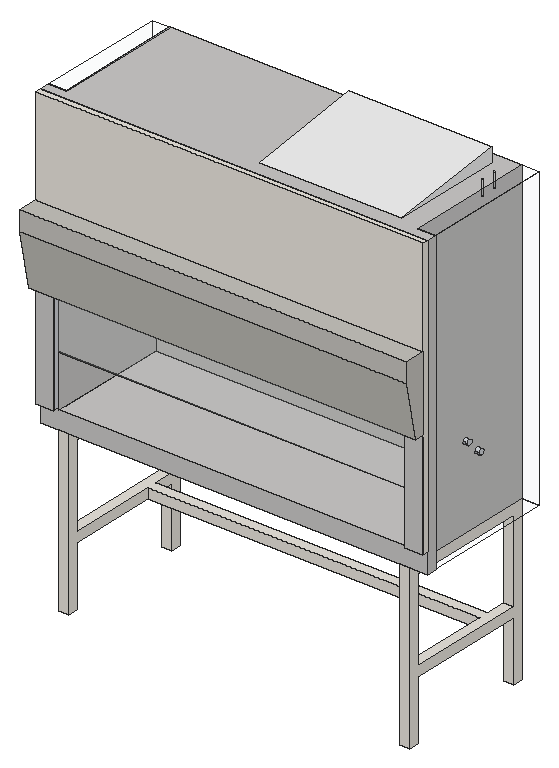
Revit family "BSC-Class-II_Type-A2_NuAire_Labgard_425-437-440", category Mechanical Equipment, Revit 2026
Family settings
  Round Connector Dimension = Use Radius
  Part Type = Normal
  Classification Number = 23.40.70.11.11.11.11
  Work Plane-Based = No
  Always vertical = Yes
  Cut with Voids When Loaded = No
  Maintain Annotation Orientation = No
  Shared = No
  Room Calculation Point = No
Parameters (values of type "NU-437-300 - 36 WORK SURFACE HEIGHT")
  control panel = 2' - 6 13/16"
  WORK SURFACE HEIGHT = 2' - 8 1/2"
  WIDTH = 6' - 5 5/8"
  URL = "http://www.nuaire.com/"
  Type Comments = "Contact Sales for Info: 800-328-3352, 888-4-NUAIRE, www.nuaire.com"
  Specification = "http://www.arcat.com/specwizard/swlist.cgi?coid=46446&mf=04&coname=NuAire%20Laboratory%20Equipment%20Supply%20&webabrv=nuaire&swlist=115300nle.11600nle.Laboratory.Equipment_"
  Side panels [instance] = yes
  Sales Information = "http://www.nuaire.com/contact-us/sales-requests.php"
  Room Inflow = 647 CFM
  Revision = "R1_12/2015"
  Product Properties = "http://www.nuaire.com/products/biological-safety-cabinets/class-ii-type-a2/labgard-es-energy-saver-nu-437-class-ii-type-a2-biosafety-cabinet.html"
  Product Data = "http://www.arcat.com/arcatcos/cos46/arc46446.html"
  Plumbing Height = 0' - 3"
  Plumbing = 0' - 0 3/16"
  Model = "NU-437-300"
  Manufacturer Website = "http://www.nuaire.com/"
  Manufacturer Phone - Toll Free = "800-328-3352"
  Manufacturer Phone = "763-553-1270"
  Manufacturer Fax = "763-553-0459"
  Manufacturer Address = "2100 Fernbrook Lane, Plymouth, MN 55447 USA"
  Manufacturer = "Nuaire Inc"
  Keynote = "11 53 00"
  Exhaust Flow = 647 CFM
  EXHAUST WIDTH = 2' - 4 1/2"
  Drawn By = ""
  Description = "Class II Type A2 Biological Safety Cabinet"
  Default Elevation = 0' - 0"
  DEPTH = 2' - 4"
  Coupling [instance] = 0' - 0 1/2"
  Copyright = "� 2015, ARCAT,Inc"
  Construction Details = "http://www.arcat.com/details/nuaire/nuaire.html?coid=46446"
  Assembly Code = "E1020720"
Types (24): name | Product Properties | Model
  NU-425-300 - 36 WORK SURFACE HEIGHT | "http://www.nuaire.com/products/biological-safety-cabinets/class-ii-type-a2/labgard-es-energy-saver-nu-425-class-ii-type-a2-biosafety-cabinet.html" | "NU-425-300"
  NU-425-400 - 36 WORK SURFACE HEIGHT | "http://www.nuaire.com/products/biological-safety-cabinets/class-ii-type-a2/labgard-es-energy-saver-nu-425-class-ii-type-a2-biosafety-cabinet.html" | "NU-425-400"
  NU-425-600 - 36 WORK SURFACE HEIGHT | "http://www.nuaire.com/products/biological-safety-cabinets/class-ii-type-a2/labgard-es-energy-saver-nu-425-class-ii-type-a2-biosafety-cabinet.html" | "NU-425-600"
  NU-425-500 - 36 WORK SURFACE HEIGHT | "http://www.nuaire.com/products/biological-safety-cabinets/class-ii-type-a2/labgard-es-energy-saver-nu-425-class-ii-type-a2-biosafety-cabinet.html" | "NU-425-500"
  NU-425-500 - 30 WORK SURFACE HEIGHT | "http://www.nuaire.com/products/biological-safety-cabinets/class-ii-type-a2/labgard-es-energy-saver-nu-425-class-ii-type-a2-biosafety-cabinet.html" | "NU-425-500"
  NU-425-400 - 30 WORK SURFACE HEIGHT | "http://www.nuaire.com/products/biological-safety-cabinets/class-ii-type-a2/labgard-es-energy-saver-nu-425-class-ii-type-a2-biosafety-cabinet.html" | "NU-425-400"
  NU-425-600 - 30 WORK SURFACE HEIGHT | "http://www.nuaire.com/products/biological-safety-cabinets/class-ii-type-a2/labgard-es-energy-saver-nu-425-class-ii-type-a2-biosafety-cabinet.html" | "NU-425-600"
  NU-425-300 - 30 WORK SURFACE HEIGHT | "http://www.nuaire.com/products/biological-safety-cabinets/class-ii-type-a2/labgard-es-energy-saver-nu-425-class-ii-type-a2-biosafety-cabinet.html" | "NU-425-300"
  NU-437-300 - 36 WORK SURFACE HEIGHT | "http://www.nuaire.com/products/biological-safety-cabinets/class-ii-type-a2/labgard-es-energy-saver-nu-437-class-ii-type-a2-biosafety-cabinet.html" | "NU-437-300"
  NU-437-400 - 36 WORK SURFACE HEIGHT | "http://www.nuaire.com/products/biological-safety-cabinets/class-ii-type-a2/labgard-es-energy-saver-nu-437-class-ii-type-a2-biosafety-cabinet.html" | "NU-437-400"
  NU-437-600 - 36 WORK SURFACE HEIGHT | "http://www.nuaire.com/products/biological-safety-cabinets/class-ii-type-a2/labgard-es-energy-saver-nu-437-class-ii-type-a2-biosafety-cabinet.html" | "NU-437-600"
  NU-437-500 - 36 WORK SURFACE HEIGHT | "http://www.nuaire.com/products/biological-safety-cabinets/class-ii-type-a2/labgard-es-energy-saver-nu-437-class-ii-type-a2-biosafety-cabinet.html" | "NU-437-500"
  NU-437-500 - 30 WORK SURFACE HEIGHT | "http://www.nuaire.com/products/biological-safety-cabinets/class-ii-type-a2/labgard-es-energy-saver-nu-437-class-ii-type-a2-biosafety-cabinet.html" | "NU-437-500"
  NU-437-400 - 30 WORK SURFACE HEIGHT | "http://www.nuaire.com/products/biological-safety-cabinets/class-ii-type-a2/labgard-es-energy-saver-nu-437-class-ii-type-a2-biosafety-cabinet.html" | "NU-437-400"
  NU-437-600 - 30 WORK SURFACE HEIGHT | "http://www.nuaire.com/products/biological-safety-cabinets/class-ii-type-a2/labgard-es-energy-saver-nu-437-class-ii-type-a2-biosafety-cabinet.html" | "NU-437-600"
  NU-437-300 - 30 WORK SURFACE HEIGHT | "http://www.nuaire.com/products/biological-safety-cabinets/class-ii-type-a2/labgard-es-energy-saver-nu-437-class-ii-type-a2-biosafety-cabinet.html" | "NU-437-300"
  NU-440-300 - 36 WORK SURFACE HEIGHT | "http://www.nuaire.com/products/biological-safety-cabinets/class-ii-type-a2/labgard-es-energy-saver-nu-440-class-ii-type-a2-biosafety-cabinet.html" | "NU-440-300"
  NU-440-400 - 36 WORK SURFACE HEIGHT | "http://www.nuaire.com/products/biological-safety-cabinets/class-ii-type-a2/labgard-es-energy-saver-nu-440-class-ii-type-a2-biosafety-cabinet.html" | "NU-440-400"
  NU-440-600 - 36 WORK SURFACE HEIGHT | "http://www.nuaire.com/products/biological-safety-cabinets/class-ii-type-a2/labgard-es-energy-saver-nu-440-class-ii-type-a2-biosafety-cabinet.html" | "NU-440-600"
  NU-440-500 - 36 WORK SURFACE HEIGHT | "http://www.nuaire.com/products/biological-safety-cabinets/class-ii-type-a2/labgard-es-energy-saver-nu-440-class-ii-type-a2-biosafety-cabinet.html" | "NU-440-500"
  NU-440-500 - 30 WORK SURFACE HEIGHT | "http://www.nuaire.com/products/biological-safety-cabinets/class-ii-type-a2/labgard-es-energy-saver-nu-440-class-ii-type-a2-biosafety-cabinet.html" | "NU-440-500"
  NU-440-400 - 30 WORK SURFACE HEIGHT | "http://www.nuaire.com/products/biological-safety-cabinets/class-ii-type-a2/labgard-es-energy-saver-nu-440-class-ii-type-a2-biosafety-cabinet.html" | "NU-440-400"
  NU-440-600 - 30 WORK SURFACE HEIGHT | "http://www.nuaire.com/products/biological-safety-cabinets/class-ii-type-a2/labgard-es-energy-saver-nu-440-class-ii-type-a2-biosafety-cabinet.html" | "NU-440-600"
  NU-440-300 - 30 WORK SURFACE HEIGHT | "http://www.nuaire.com/products/biological-safety-cabinets/class-ii-type-a2/labgard-es-energy-saver-nu-440-class-ii-type-a2-biosafety-cabinet.html" | "NU-440-300"
Reference planes (in)
  plane 1 "Center (Front/Back)": y = -37.77497
  plane 2: z = 0
  plane 3 "Center (Left/Right)": x = -17.66461
  plane 4: x = -56.47711
  plane 5: x = 21.14789
  plane 6: y = -23.77497
  plane 7: y = -51.77497
  plane 8: z = 32.5
  plane 9: z = 92.5
  plane 10: z = 14
Forms (in)
  Extrusion 1, solid
    sketch origin (0, 0, 0) x (1, 0, 0) y (0, 1, 0)
      loop
        line (-56.47711, -51.77497) -> (21.14789, -51.77497) -> (21.14789, -49.77497) -> (17.58539, -49.77497) -> (17.58539, -23.77497) -> (-52.91461, -23.77497) -> (-52.91461, -49.77497) -> (-56.47711, -49.77497) -> (-56.47711, -51.77497)
    from 32.5 to 92.5
  Extrusion 2, solid
    sketch origin (0, 0, 0) x (1, 0, 0) y (0, 1, 0)
      loop
        line (-52.91461, -23.77497) -> (-52.91461, -25.77497) -> (-50.91461, -25.77497) -> (-50.91461, -23.77497) -> (-52.91461, -23.77497)
      loop
        line (17.58539, -23.77497) -> (15.58539, -23.77497) -> (15.58539, -25.77497) -> (17.58539, -25.77497) -> (17.58539, -23.77497)
      loop
        line (17.58539, -51.77497) -> (17.58539, -49.77497) -> (15.58539, -49.77497) -> (15.58539, -51.77497) -> (17.58539, -51.77497)
      loop
        line (-52.91461, -49.77497) -> (-52.91461, -51.77497) -> (-50.91461, -51.77497) -> (-50.91461, -49.77497) -> (-52.91461, -49.77497)
    from 0 to 32.5
  Extrusion 3, solid
    sketch origin (-17.66461, 0, 0) x (0, 1, 0) y (0, 0, 1)
      loop
        circle (-35.08747, 46.3125) r 0.5
    from 35.25 to 36.25
  Extrusion 4, solid
    sketch origin (-17.66461, 0, 0) x (0, 1, 0) y (0, 0, 1)
      loop
        circle (-38.08747, 49.3125) r 0.5
    from 35.25 to 36.25
  Extrusion 5, solid
    sketch origin (0, -37.77497, 0) x (1, 0, 0) y (0, 0, 1)
      loop
        line (-52.91461, 36.5) -> (-52.91461, 58) -> (17.58539, 58) -> (17.58539, 36.5) -> (21.14789, 36.5) -> (21.14789, 92.5) -> (-56.47711, 92.5) -> (-56.47711, 36.5) -> (-52.91461, 36.5)
    from 14 to 15.125
  Extrusion 6, solid
    sketch origin (-17.66461, 0, 0) x (0, 1, 0) y (0, 0, 1)
      loop
        line (-52.89997, 58) -> (-52.89997, 73) -> (-56.89997, 73) -> (-56.89997, 69) -> (-54.64997, 58) -> (-52.89997, 58)
    from -38.8125 to 38.8125
  Extrusion 7, solid
    sketch origin (0, 0, 0) x (1, 0, 0) y (0, 1, 0)
      loop
        line (-52.91461, -25.77497) -> (-52.91461, -49.77497) -> (-50.91461, -49.77497) -> (-50.91461, -25.77497) -> (-52.91461, -25.77497)
      loop
        line (15.58539, -25.77497) -> (15.58539, -49.77497) -> (17.58539, -49.77497) -> (17.58539, -25.77497) -> (15.58539, -25.77497)
    from 30.5 to 32.5
  Extrusion 8, solid
    sketch origin (0, 0, 0) x (1, 0, 0) y (0, 1, 0)
      loop
        line (-52.91461, -25.77497) -> (-52.91461, -49.77497) -> (-50.91461, -49.77497) -> (-50.91461, -25.77497) -> (-52.91461, -25.77497)
      loop
        line (15.58539, -25.77497) -> (15.58539, -49.77497) -> (17.58539, -49.77497) -> (17.58539, -25.77497) -> (15.58539, -25.77497)
    from 12 to 14
  Extrusion 9, solid
    sketch origin (0, 0, 0) x (1, 0, 0) y (0, 1, 0)
      loop
        line (-50.91461, -29.77497) -> (-50.91461, -31.77497) -> (15.58539, -31.77497) -> (15.58539, -29.77497) -> (-50.91461, -29.77497)
    from 12 to 14
  Extrusion 10, solid
    sketch origin (0, 0, 0) x (1, 0, 0) y (0, 1, 0)
      loop
        line (13.52289, -26.27497) -> (-14.97711, -26.27497) -> (-14.97711, -48.77497) -> (13.52289, -48.77497) -> (13.52289, -26.27497)
    from 92.5 to 95.5
  Extrusion 11, solid
    sketch origin (0, -37.77497, 0) x (1, 0, 0) y (0, 0, 1)
      loop
        circle (-54.5927, 34) r 0.25
    from 8.7519 to 12
  Extrusion 12, void, detail levels fine
    sketch origin (-17.66461, 0, 0) x (0, 1, 0) y (0, 0, 1)
      loop
        line (-26.27497, 95.5) -> (-48.77497, 95.5) -> (-48.77497, 92.5) -> (-26.27497, 95.5)
    from 2.6875 to 31.1875
  Extrusion 13, void
    sketch origin (0, -37.77497, -0.5) x (1, 0, 0) y (0, 0, 1)
      loop
        line (-52.85211, 36.5) -> (17.52289, 36.5) -> (17.52289, 65) -> (-52.85211, 65) -> (-52.85211, 36.5)
    from -10.38082 to 14
  Extrusion 14, solid
    sketch origin (0, -37.77497, 0) x (1, 0, 0) y (0, 0, 1)
      loop
        line (-52.91461, 46.5) -> (17.58539, 46.5) -> (17.58539, 58) -> (-52.91461, 58) -> (-52.91461, 46.5)
    from 14.25272 to 14
  Extrusion 15, solid
    sketch origin (0, -37.64785, 0) x (1, 0, 0) y (0, 0, 1)
      loop
        line (-56.47711, 58) -> (-56.47711, 36.5) -> (-52.91461, 36.5) -> (-52.91461, 58) -> (-56.47711, 58)
      loop
        line (21.14789, 58) -> (17.58539, 58) -> (17.58539, 36.5) -> (21.14789, 36.5) -> (21.14789, 58)
    from 15.25212 to 15.37712
  Extrusion 16, solid, visible <- "Side panels"
    sketch origin (0, 0, 0) x (1, 0, 0) y (0, 1, 0)
      loop
        line (17.58539, -23.77497) -> (17.58539, -49.77497) -> (21.14789, -49.77497) -> (21.14789, -23.77497) -> (17.58539, -23.77497)
    from 32.5 to 92.5
  Extrusion 17, solid
    sketch origin (0, 0, 0) x (1, 0, 0) y (0, 1, 0)
      loop
        circle (18.96039, -32.27497) r 0.1875
    from 92.5 to 95.5
  Extrusion 18, solid
    sketch origin (0, 0, 0) x (1, 0, 0) y (0, 1, 0)
      loop
        circle (18.96039, -35.27497) r 0.1875
    from 92.5 to 95.5
  Extrusion 19, solid
    sketch origin (0, 0, 0) x (1, 0, 0) y (0, 1, 0)
      loop
        line (-56.47711, -23.77497) -> (-56.47711, -49.77497) -> (-52.91461, -49.77497) -> (-52.91461, -23.77497) -> (-56.47711, -23.77497)
    from 32.5 to 92.5
Cuts and joins
  Extrusion 12, Extrusion 13 cuts Extrusion 1
  Extrusion 12 cuts Extrusion 10
  joined: Extrusion 2, Extrusion 7, Extrusion 8, Extrusion 9
Lines and regions (in)
  model lines
    curve 1: line (-52.91461, -51.77497, 36.5) -> (17.58539, -51.77497, 36.5)
    curve 2: line (-52.91461, -51.77497, 46.5) -> (17.58539, -51.77497, 46.5)
    curve 3: spline (-25.66461, -55.75976, 63.42564) -> (-25.39201, -55.91536, 64.18634) -> (-24.59281, -56.06036, 64.89521) -> (-23.32146, -56.18487, 65.50392) -> (-21.66461, -56.28041, 65.97101) -> (-19.73516, -56.34046, 66.26463) -> (-17.66461, -56.36095, 66.36478) -> (-15.59405, -56.34046, 66.26463) -> (-13.66461, -56.28041, 65.97101) -> (-12.00775, -56.18487, 65.50392) -> (-10.7364, -56.06036, 64.89521) -> (-9.9372, -55.91536, 64.18634) -> (-9.66461, -55.75976, 63.42564) -> (-9.9372, -55.60416, 62.66493) -> (-10.7364, -55.45917, 61.95606) -> (-12.00775, -55.33466, 61.34735) -> (-13.66461, -55.23912, 60.88026) -> (-15.59405, -55.17906, 60.58664) -> (-17.66461, -55.15857, 60.48649) -> (-19.73516, -55.17906, 60.58664) -> (-21.66461, -55.23912, 60.88026) -> (-23.32146, -55.33466, 61.34735) -> (-24.59281, -55.45917, 61.95606) -> (-25.39201, -55.60416, 62.66493) -> (-25.66461, -55.75976, 63.42564)
Dimensions and locks (in)
  locked: plane 9 to plane 8 at 60
  equal spacing: plane 6, plane 1 "Center (Front/Back)", plane 7
  "DEPTH": plane 6 to plane 7
  equal spacing: plane 4, plane 3 "Center (Left/Right)", plane 5
  "WIDTH": plane 5 to plane 4
  "WORK SURFACE HEIGHT": plane 2 to plane 8
  Extrusion 1 sketch curve to Extrusion 1 sketch curve to Extrusion 1 sketch curve = 0' - 3 9/16" locked, 5' - 10 1/2"
  locked: Extrusion 1 sketch curve to Extrusion 1 sketch curve at 3.5625
  Extrusion 1 sketch curve to Extrusion 1 sketch curve to Extrusion 1 sketch curve = 2' - 2", 0' - 2" locked
  Extrusion 2 sketch curve to Extrusion 2 sketch curve to Extrusion 2 sketch curve = 0' - 2" locked, 2' - 0"  (x2)
  Extrusion 2 sketch curve to Extrusion 2 sketch curve to Extrusion 2 sketch curve = 0' - 2" locked, 5' - 6 1/2"  (x2)
  locked: Extrusion 2 sketch curve to Extrusion 2 sketch curve at 2  (x4)
  locked: Extrusion 1 to Extrusion 3 sketch curve at 13.8125
  locked: Extrusion 3 sketch curve to Extrusion 1 at 11.3125
  locked: Extrusion 4 sketch curve to Extrusion 1 at 14.3125
  locked: Extrusion 1 to Extrusion 4 sketch curve at 16.8125
  locked: Extrusion 3 to Extrusion 1 at 1
  locked: Extrusion 5 sketch curve to Extrusion 1 at 4
  locked: Extrusion 5 sketch curve to Extrusion 1 at 25.5
  locked: Extrusion 1 to Extrusion 5 at 1.125
  locked: Extrusion 6 sketch curve to Extrusion 6 sketch curve at 4  (x2)
  locked: Extrusion 7 to Extrusion 7 at 2
  locked: Extrusion 8 to Extrusion 8 at 2
  locked: plane 8 to plane 10 at 18.5
  equal spacing: Extrusion 9 sketch curve, Extrusion 9 sketch curve, Extrusion 6
  locked: Extrusion 9 sketch curve to plane 6 at 6
  "control panel": curve 3 to plane 4
  locked: Extrusion 10 sketch curve to Extrusion 1 at 4.0625
  locked: Extrusion 1 to Extrusion 10 sketch curve at 2.5
  locked: Extrusion 10 sketch curve to Extrusion 10 sketch curve at 22.5
  "EXHAUST WIDTH": Extrusion 10 sketch curve to Extrusion 10 sketch curve
  locked: Extrusion 10 to Extrusion 5 at 3
  locked: Extrusion 1 to Extrusion 11 sketch curve at 1.8844
  locked: Extrusion 1 to Extrusion 11 sketch curve at 1.5
  locked: Extrusion 11 to Extrusion 1 at 3.2481
  cut or joined group of Extrusion 1, Extrusion 12, Extrusion 13 to cut or joined group of Extrusion 1, Extrusion 12, Extrusion 13 = 0' - 3.61918"
  cut or joined group of Extrusion 1, Extrusion 12, Extrusion 13 to Extrusion 14 = 0' - 0.25272"
  cut or joined group of Extrusion 2, Extrusion 7, Extrusion 8, Extrusion 9 to cut or joined group of Extrusion 1, Extrusion 12, Extrusion 13 = 7' - 8 1/2"
  Extrusion 6 to cut or joined group of Extrusion 1, Extrusion 12, Extrusion 13 = 2' - 9 1/8"
  cut or joined group of Extrusion 2, Extrusion 7, Extrusion 8, Extrusion 9 to Extrusion 3 = 3' - 10 5/16"
  cut or joined group of Extrusion 2, Extrusion 7, Extrusion 8, Extrusion 9 to Extrusion 4 = 4' - 1 5/16"
  connector elem to cut or joined group of Extrusion 2, Extrusion 7, Extrusion 8, Extrusion 9 = 0' - 11 5/16"
  connector elem to cut or joined group of Extrusion 2, Extrusion 7, Extrusion 8, Extrusion 9 = 1' - 2 5/16"
  cut or joined group of Extrusion 2, Extrusion 7, Extrusion 8, Extrusion 9 to cut or joined group of Extrusion 2, Extrusion 7, Extrusion 8, Extrusion 9 = 2' - 4"
  Extrusion 16 to Extrusion 17 sketch curve = 0' - 1 3/8"
  Extrusion 16 to Extrusion 17 sketch curve = 0' - 8 1/2"
  Extrusion 16 to Extrusion 18 sketch curve = 0' - 1 3/8"
  Extrusion 16 to Extrusion 18 sketch curve = 0' - 11 1/2"
  locked: Extrusion 17 to Extrusion 16 at 3
  "Coupling": radius of Extrusion 3 sketch curve
  "Coupling": radius of Extrusion 4 sketch curve
  "Plumbing": radius of Extrusion 17 sketch curve
  "Plumbing": radius of Extrusion 18 sketch curve
  aligned: level to plane 2
  aligned and locked: plane 7 to Extrusion 1 sketch curve
  aligned and locked: Extrusion 1 sketch curve to plane 5
  aligned and locked: Extrusion 1 sketch curve to Extrusion 1 sketch curve
  aligned and locked: plane 9 to Extrusion 1
  aligned and locked: Extrusion 1 to plane 8
  aligned and locked: Extrusion 1 to plane 4
  aligned and locked: Extrusion 2 sketch curve to Extrusion 1  (x3)
  aligned and locked: Extrusion 1 to Extrusion 2 sketch curve
  aligned and locked: Extrusion 2 to level
  aligned and locked: plane 8 to Extrusion 2
  aligned and locked: Extrusion 2 to Extrusion 1
  aligned and locked: Extrusion 1 to Extrusion 2
  aligned and locked: Extrusion 3 to Extrusion 1
  aligned and locked: Extrusion 3 to Extrusion 4
  aligned and locked: Extrusion 4 to Extrusion 1
  aligned and locked: Extrusion 5 sketch curve to Extrusion 5 sketch curve
  aligned and locked: Extrusion 5 sketch curve to Extrusion 1  (x3)
  aligned and locked: Extrusion 1 to Extrusion 5 sketch curve  (x2)
  aligned and locked: Extrusion 5 to plane 7
  aligned and locked: Extrusion 6 to plane 4
  aligned and locked: Extrusion 6 to plane 5
  aligned and locked: Extrusion 2 to Extrusion 7 sketch curve  (x2)
  aligned and locked: Extrusion 7 sketch curve to Extrusion 2  (x4)
  aligned and locked: Extrusion 1 to Extrusion 7 sketch curve
  aligned and locked: Extrusion 7 sketch curve to Extrusion 1
  aligned: plane 8 to Extrusion 7
  aligned and locked: Extrusion 7 to Extrusion 1
  aligned and locked: Extrusion 8 sketch curve to Extrusion 7  (x3)
  aligned and locked: Extrusion 8 sketch curve to Extrusion 2  (x3)
  aligned and locked: Extrusion 1 to Extrusion 8 sketch curve
  aligned and locked: Extrusion 8 sketch curve to Extrusion 1
  aligned: plane 10 to Extrusion 8
  aligned and locked: plane 10 to Extrusion 8
  aligned and locked: Extrusion 8 to Extrusion 9  (x2)
  aligned and locked: Extrusion 10 to plane 9
  aligned and locked: Extrusion 11 to Extrusion 1
  aligned and locked: Extrusion 12 to cut or joined group of Extrusion 10, Extrusion 12
  aligned and locked: cut or joined group of Extrusion 1, Extrusion 12, Extrusion 13 to Extrusion 14 sketch curve
  aligned and locked: Extrusion 14 sketch curve to curve 2
  aligned and locked: Extrusion 5 to Extrusion 14 sketch curve
  aligned and locked: Extrusion 14 sketch curve to Extrusion 5
  aligned and locked: Extrusion 14 to plane 7
  aligned and locked: Extrusion 15 sketch curve to Extrusion 6  (x4)
  aligned and locked: Extrusion 15 sketch curve to curve 1
  aligned and locked: Extrusion 15 sketch curve to Extrusion 5  (x2)
  aligned and locked: curve 1 to Extrusion 15 sketch curve
  aligned and locked: Extrusion 15 to Extrusion 5
  aligned and locked: Extrusion 16 sketch curve to plane 6
  aligned and locked: cut or joined group of Extrusion 1, Extrusion 12, Extrusion 13 to Extrusion 16 sketch curve
  aligned and locked: plane 5 to Extrusion 16 sketch curve
  aligned and locked: Extrusion 16 sketch curve to cut or joined group of Extrusion 1, Extrusion 12, Extrusion 13
  aligned and locked: plane 9 to Extrusion 16
  aligned and locked: Extrusion 16 to plane 8
  aligned: Extrusion 17 to cut or joined group of Extrusion 10, Extrusion 12
  aligned and locked: Extrusion 17 to plane 9
  aligned: Extrusion 18 to cut or joined group of Extrusion 10, Extrusion 12
  aligned and locked: Extrusion 18 to plane 9
  aligned and locked: Extrusion 17 to Extrusion 18
  aligned and locked: Extrusion 19 sketch curve to plane 6
  aligned and locked: Extrusion 19 sketch curve to cut or joined group of Extrusion 1, Extrusion 12, Extrusion 13  (x2)
  aligned and locked: plane 4 to Extrusion 19 sketch curve
  aligned and locked: plane 9 to Extrusion 19
  aligned and locked: Extrusion 19 to plane 8
Automatic sketch dimensions
  plane 7 to Extrusion 6 sketch curve = 0' - 5 1/8"
  Extrusion 6 sketch curve to Extrusion 6 sketch curve = 0' - 1 3/4"
  plane 8 to Extrusion 6 sketch curve = 2' - 1 1/2"
  Extrusion 6 sketch curve to Extrusion 6 sketch curve = 0' - 11"
  Extrusion 1 to curve 2 = 0' - 3 9/16"  (x2)
  Extrusion 1 to curve 1 = 0' - 3 9/16"  (x2)
  Extrusion 1 to curve 1 = 0' - 4"
  curve 1 to curve 2 = 0' - 10"
  plane 4 to Extrusion 9 sketch curve = 0' - 5 9/16"
  plane 5 to Extrusion 9 sketch curve = 0' - 5 9/16"
  Extrusion 9 sketch curve to Extrusion 9 sketch curve = 0' - 2"
  Extrusion 6 to curve 3 = 0' - 5.53797"
  curve 3 to curve 3 = 0' - 8"
  Extrusion 12 sketch curve to plane 9 = 0' - 0"
  Extrusion 12 sketch curve to plane 7 = 0' - 3"
  Extrusion 12 sketch curve to plane 6 = 0' - 2 1/2"
  Extrusion 12 sketch curve to Extrusion 12 sketch curve = 0' - 3"
  plane 4 to Extrusion 13 sketch curve = 0' - 3 5/8"
  plane 5 to Extrusion 13 sketch curve = 0' - 3 5/8"
  plane 8 to Extrusion 13 sketch curve = 0' - 3 1/2"
  Extrusion 13 sketch curve to plane 9 = 2' - 4"
  radius of Extrusion 11 sketch curve = 0' - 0 1/4"
Connectors (in)
  piping at (18.58539, -35.08747, 46.3125), diameter 1, driven by "Coupling"
    settings: on Extrusion 3, index 1, connector inside diameter 1", connector length 0' - 0", flow factor 0, pipe flow 0 GPM, pressure drop 0.00 psi, fitting loss kfactor 0, connector angle 0.00°, fixture units 0, engagement length 0' - 0", angle of deflection 0.00°, flow configuration 2, flow direction 1, fitting loss method 0, system type 7, joint type 0, gender type 0, connector reference index -1, connector utility 0, adjustable connector no, is connector primary yes, connector description ""
  piping at (18.58539, -38.08747, 49.3125), diameter 1, driven by "Coupling"
    settings: on Extrusion 4, index 2, connector inside diameter 1", connector length 0' - 0", flow factor 0, pipe flow 0 GPM, pressure drop 0.00 psi, fitting loss kfactor 0, connector angle 0.00°, fixture units 0, engagement length 0' - 0", angle of deflection 0.00°, flow configuration 0, flow direction 0, fitting loss method 0, system type 28, joint type 0, gender type 0, connector reference index -1, connector utility 0, adjustable connector no, is connector primary no, connector description ""
  electrical at (-54.5927, -46.52687, 34)
    settings: on Extrusion 11, index 4, voltage 115 V, apparent load 0 VA, apparent load phase1 0 VA, apparent load phase2 0 VA, apparent load phase3 0 VA, power factor 1, load classification "Power", number of poles 1, system type 31, power factor state 1, is connector primary yes, connector utility no, sub classification motor no, connector description ""
  piping at (18.96039, -32.27497, 95.5), diameter 0.375, driven by "Plumbing"
    settings: on Extrusion 17, index 5, connector inside diameter 3/8", connector length 0' - 0", flow factor 0, pipe flow 0 GPM, pressure drop 0.00 psi, fitting loss kfactor 0, connector angle 0.00°, fixture units 0, engagement length 0' - 0", angle of deflection 0.00°, flow configuration 0, flow direction 0, fitting loss method 0, system type 7, joint type 0, gender type 0, connector reference index -1, connector utility 0, adjustable connector no, is connector primary no, connector description ""
  piping at (18.96039, -35.27497, 95.5), diameter 0.375, driven by "Plumbing"
    settings: on Extrusion 18, index 6, connector inside diameter 3/8", connector length 0' - 0", flow factor 0, pipe flow 0 GPM, pressure drop 0.00 psi, fitting loss kfactor 0, connector angle 0.00°, fixture units 0, engagement length 0' - 0", angle of deflection 0.00°, flow configuration 0, flow direction 0, fitting loss method 0, system type 7, joint type 0, gender type 0, connector reference index -1, connector utility 0, adjustable connector no, is connector primary no, connector description ""
